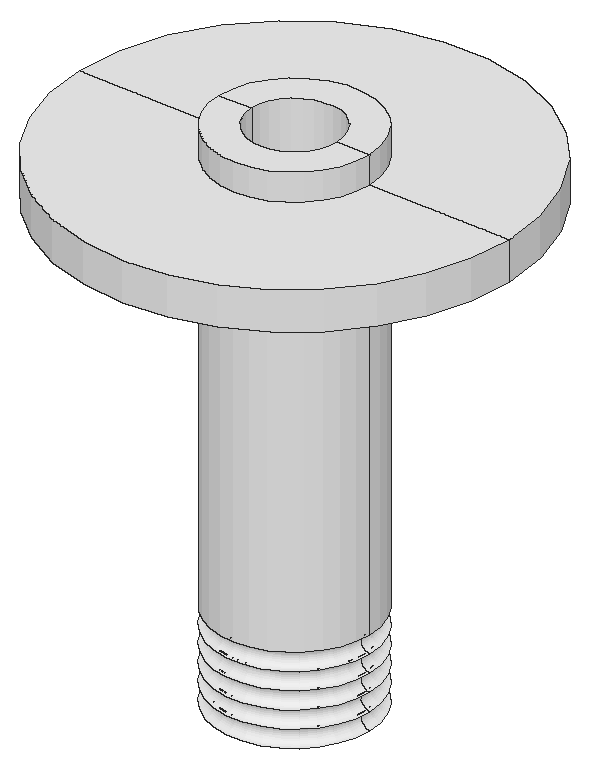
Revit family "Shower_Arm-Rain-American_Standard-1660.103_Series", category Plumbing Fixtures, Revit 2019
Family settings
  Round Connector Dimension = Use Diameter
  Part Type = Normal
  OmniClass Number = 23.45.05.14.17
  OmniClass Title = Showers
  Work Plane-Based = Yes
  Always vertical = No
  Cut with Voids When Loaded = No
  Shared = Yes
  Room Calculation Point = No
Parameters (values of type "1660.103.002")
  Width = 7/8"  # constant formula
  Water Connection Radius = 1/4"  # constant formula
  Water Connection Diameter = 1/2"  # constant formula
  Waste Connection = no
  WFU = 4  # constant formula
  Vent Connection = no
  URL = "https://www.americanstandard-us.com/"
  Revised Date = "05/11/2021"
  Product Page URL = "https://www.americanstandard-us.com/bathroom/shower-faucets/3-inch-ceiling-mount-shower-arm-23185?variant=polished-chrome"
  Product Documentation Link = "https://www.americanstandard-us.com/-/media/sites/asus/files/product-specs/bulk/specsheet1660103.pdf?la=en"
  Price = "Prices may vary. Please consult Manufacturer Representative for most up-to-date price list."  # constant formula
  Model = "1660.103.002"
  Material = "Brass-American Standard-002-Polished Chrome"
  Manufacturer = "American Standard"  # constant formula
  Length = 2 1/2"  # constant formula
  Installation Type = "Ceiling Mounted"  # constant formula
  Height = 3"  # constant formula
  HWFU = 3  # constant formula
  HW Connection = yes
  Finish = Brass-American Standard-002-Polished Chrome
  Description = "3\" Ceiling Mount Shower Arm"
  Default Elevation = 0"
  Creation Date = "01/25/2018"  # constant formula
  CWFU = 3  # constant formula
  CW Connection = yes
  Assembly Code = "D2010710"
Types (5): name | Model | Material | Finish
  (no name) | "1660.103.002" | "Brass-American Standard-002-Polished Chrome" | Brass-American Standard-002-Polished Chrome
  1660.103.002 | "1660.103.002" | "Brass-American Standard-002-Polished Chrome" | Brass-American Standard-002-Polished Chrome
  1660.103.295 | "1660.103.295" | "Brass-American Standard-295-Brushed Nickel" | Brass-American Standard-295-Brushed Nickel
  1660.103.013 | "1660.103.013" | "Brass-American Standard-013-Polished Nickel" | Brass-American Standard-013-Polished Nickel
  1660.103.278 | "1660.103.278" | "Brass-American Standard-278-Legacy Bronze" | Brass-American Standard-278-Legacy Bronze
Reference planes (in)
  plane 1 "Center (Front/Back)": y = 0
  plane 2: z = 0
  plane 3 "Center (Left/Right)": x = 0
  plane 4: x = 1.25
  plane 5: x = -1.25
  plane 6: x = 0.25
  plane 7: x = -0.25
  plane 8: x = 0.4375
  plane 9: x = -0.4375
  plane 10: z = 0.15625
  plane 11: z = -2.84375
Forms (in)
  Revolve 1, solid, material "Brass-American Standard-002-Polished Chrome" <- "Finish"
    sketch origin (0, 0, 0) x (1, 0, 0) y (0, 0, 1)
      loop
        line (0.4375, 0) -> (0.4375, 0.15625) -> (0.25, 0.15625) -> (0.25, -2.84375) -> (0.4375, -2.84375)
        arc (0.4375, -2.84375) -> (0.3875, -2.79375) -> (0.4375, -2.74375) r 0.05
        arc (0.4375, -2.74375) -> (0.3875, -2.69375) -> (0.4375, -2.64375) r 0.05
        arc (0.4375, -2.64375) -> (0.3875, -2.59375) -> (0.4375, -2.54375) r 0.05
        arc (0.4375, -2.54375) -> (0.3875, -2.49375) -> (0.4375, -2.44375) r 0.05
        arc (0.4375, -2.44375) -> (0.3875, -2.39375) -> (0.4375, -2.34375) r 0.05
        line (0.4375, -2.34375) -> (0.4375, -0.22042) -> (1.25, -0.22042) -> (1.25, 0) -> (0.4375, 0)
      axis (0, 0.15625) -> (0, -2.84375)
    angle from 0 to 360
Lines and regions (in)
  Masking region 1
    outline origin (0, 0, 0) x (1, 0, 0) y (0, 1, 0)
      loop
        circle (0, 0) r 1.25
  symbolic lines, detail levels medium+fine
    curve 1: arc (0.25, 0, 0) -> (0, 0.25, 0) -> (-0.25, 0, 0) r 0.25
    curve 2: arc (-0.25, 0, 0) -> (0, -0.25, 0) -> (0.25, 0, 0) r 0.25
  symbolic lines, detail levels fine
    curve 3: arc (0.4375, 0, 0) -> (0, 0.4375, 0) -> (-0.4375, 0, 0) r 0.4375
    curve 4: arc (-0.4375, 0, 0) -> (0, -0.4375, 0) -> (0.4375, 0, 0) r 0.4375
Dimensions and locks (in)
  "Width": plane 8 to plane 9
  "Length": plane 4 to plane 5
  locked: plane 10 to level at 0.15625
  "Height": plane 10 to plane 11
  aligned and locked: Revolve 1 sketch curve to plane 8
  aligned and locked: plane 6 to Revolve 1 sketch curve
  aligned and locked: Masking region 1 sketch curve to Revolve 1  (x2)
  aligned and locked: curve 1 to Revolve 1
  aligned and locked: curve 2 to Revolve 1
  aligned and locked: curve 3 to Revolve 1
  aligned and locked: curve 4 to Revolve 1
Automatic sketch dimensions
  Revolve 1 sketch curve to plane 3 "Center (Left/Right)" = 0"
  Revolve 1 sketch curve to plane 8 = 0"  (x5)
  Revolve 1 sketch curve to plane 4 = 0"
  Revolve 1 sketch curve to plane 11 = 0"
  Revolve 1 sketch curve to level = 0"
  Revolve 1 sketch curve to Revolve 1 sketch curve = 0.05"  (x3)
  Revolve 1 sketch curve to Revolve 1 sketch curve = 0.1"  (x3)
  Revolve 1 sketch curve to level = 0.22042"
  Revolve 1 sketch curve to Revolve 1 sketch curve = 0"  (x3)
  plane 10 to Revolve 1 sketch curve = 0.18261"
  Revolve 1 sketch curve to Revolve 1 sketch curve = 0.41114"
  Revolve 1 sketch curve to plane 10 = 0"
Connectors (in)
  piping at (0, 0, 0.15625), diameter 0.5, driven by "Water Connection Diameter"
    settings: on Revolve 1, index 1, connector inside diameter 24", connector length 0", flow factor 0, pipe flow 0 GPM, pressure drop 0.00 psi, fitting loss kfactor 0, connector angle 0.00°, fixture units 0, engagement length 0", angle of deflection 0.00°, flow configuration 0, flow direction 1, fitting loss method 0, system type 29, joint type 0, gender type 0, connector reference index -1, connector utility 0, adjustable connector no, is connector primary yes, connector description "1/2\" NPT Inlet Connection"
